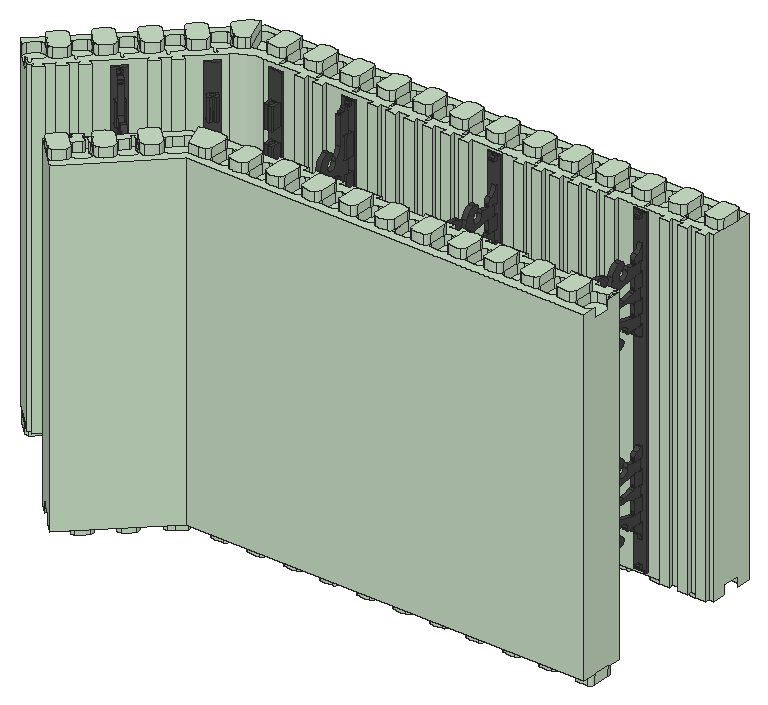
Revit family
Parameters (values of type "152 mm 45 Degree Form Unit")
  URL = "www.nudura.com"
  Overall Form Thickness = 285.8 mm
  Model = "152 mm 45 Degree Form Unit"
  Manufacturer = "NUDURA Corporation"
  Concrete Core Thickness = 152.4 mm
Reference planes
  plane 1 "Center (Front/Back)": y = 0
  plane 2: z = 0
  plane 3 "Center (Left/Right)": x = 0
Forms (mm)
  Extrusion 1, solid, material "EPS- NUDURA- Foam Panel"
    sketch origin (-0.09, 0.304, 0) x (1, 0, 0) y (0, 1, 0)
      loop
        line (-59.181, 142.875) -> (-248.322, -46.266) -> (-205.666, -88.923) -> (-200.616, -83.873) -> (-197.246, -89.482) -> (-187.146, -79.383) -> (-192.755, -76.012) -> (-182.656, -65.912) -> (-179.285, -71.522) -> (-169.185, -61.422) -> (-174.795, -58.052) -> (-164.695, -47.952) -> (-161.324, -53.561) -> (-151.225, -43.462) -> (-156.834, -40.091) -> (-110.814, 5.93) -> (-107.443, 0.32) -> (-97.343, 10.42) -> (-102.953, 13.791) -> (-92.853, 23.89) -> (-89.482, 18.281) -> (-79.383, 28.38) -> (-84.992, 31.751) -> (-49.072, 67.671)
        arc (-49.072, 67.671) -> (-32.592, 78.683) -> (-13.151, 82.55) r 50.8
        line (-13.151, 82.55) -> (37.647, 82.55) -> (36.064, 76.2) -> (50.347, 76.2) -> (48.764, 82.55) -> (63.047, 82.55) -> (61.464, 76.2) -> (75.747, 76.2) -> (74.164, 82.55) -> (139.247, 82.55) -> (137.664, 76.2) -> (151.947, 76.2) -> (150.364, 82.55) -> (164.647, 82.55) -> (163.064, 76.2) -> (177.347, 76.2) -> (175.764, 82.55) -> (190.047, 82.55) -> (188.464, 76.2) -> (202.747, 76.2) -> (201.164, 82.55) -> (215.447, 82.55) -> (213.864, 76.2) -> (228.147, 76.2) -> (226.564, 82.55) -> (240.847, 82.55) -> (239.264, 76.2) -> (253.547, 76.2) -> (251.964, 82.55) -> (266.247, 82.55) -> (264.664, 76.2) -> (278.947, 76.2) -> (277.364, 82.55) -> (342.447, 82.55) -> (340.864, 76.2) -> (355.147, 76.2) -> (353.564, 82.55) -> (367.847, 82.55) -> (366.264, 76.2) -> (380.547, 76.2) -> (378.964, 82.55) -> (393.247, 82.55) -> (391.664, 76.2) -> (405.947, 76.2) -> (404.364, 82.55) -> (418.647, 82.55) -> (417.064, 76.2) -> (431.347, 76.2) -> (429.764, 82.55) -> (444.047, 82.55) -> (442.464, 76.2) -> (456.747, 76.2) -> (455.164, 82.55) -> (469.447, 82.55) -> (467.864, 76.2) -> (482.147, 76.2) -> (480.564, 82.55) -> (545.647, 82.55) -> (544.064, 76.2) -> (558.347, 76.2) -> (556.764, 82.55) -> (571.047, 82.55) -> (569.464, 76.2) -> (583.747, 76.2) -> (582.164, 82.55) -> (596.447, 82.55) -> (594.864, 76.2) -> (609.147, 76.2) -> (607.564, 82.55) -> (614.706, 82.55) -> (614.706, 142.875) -> (-59.181, 142.875)
      loop
        line (614.706, -82.55) -> (607.564, -82.55) -> (609.147, -76.2) -> (594.864, -76.2) -> (596.447, -82.55) -> (582.164, -82.55) -> (583.747, -76.2) -> (569.464, -76.2) -> (571.047, -82.55) -> (556.764, -82.55) -> (558.347, -76.2) -> (544.064, -76.2) -> (545.647, -82.55) -> (480.564, -82.55) -> (482.147, -76.2) -> (467.864, -76.2) -> (469.447, -82.55) -> (455.164, -82.55) -> (456.747, -76.2) -> (442.464, -76.2) -> (444.047, -82.55) -> (429.764, -82.55) -> (431.347, -76.2) -> (417.064, -76.2) -> (418.647, -82.55) -> (404.364, -82.55) -> (405.947, -76.2) -> (391.664, -76.2) -> (393.247, -82.55) -> (378.964, -82.55) -> (380.547, -76.2) -> (366.264, -76.2) -> (367.847, -82.55) -> (353.564, -82.55) -> (355.147, -76.2) -> (340.864, -76.2) -> (342.447, -82.55) -> (277.364, -82.55) -> (278.947, -76.2) -> (264.664, -76.2) -> (266.247, -82.55) -> (251.964, -82.55) -> (253.547, -76.2) -> (239.264, -76.2) -> (240.847, -82.55) -> (226.564, -82.55) -> (228.147, -76.2) -> (213.864, -76.2) -> (215.447, -82.55) -> (201.164, -82.55) -> (202.747, -76.2) -> (188.464, -76.2) -> (190.047, -82.55) -> (175.764, -82.55) -> (177.347, -76.2) -> (163.064, -76.2) -> (164.647, -82.55) -> (150.364, -82.55) -> (151.947, -76.2) -> (137.664, -76.2) -> (139.247, -82.55) -> (55.235, -82.55)
        arc (55.235, -82.55) -> (35.795, -86.417) -> (19.314, -97.429) r 50.8
        line (19.314, -97.429) -> (-40.091, -156.834) -> (-43.462, -151.225) -> (-53.561, -161.324) -> (-47.952, -164.695) -> (-58.052, -174.795) -> (-61.422, -169.185) -> (-71.522, -179.285) -> (-65.912, -182.656) -> (-76.012, -192.755) -> (-79.383, -187.146) -> (-89.482, -197.246) -> (-83.873, -200.616) -> (-88.923, -205.666) -> (-46.266, -248.322) -> (59.181, -142.875) -> (614.706, -142.875) -> (614.706, -82.55)
    from 0 to 457.2
  Extrusion 2, solid, material "EPS- NUDURA- Foam Panel"
    sketch origin (-0.09, 0.304, 0) x (1, 0, 0) y (0, 1, 0)
      loop
        line (40.048, -96.684) -> (54.578, -131.763) -> (68.606, -131.763)
        arc (68.606, -131.763) -> (72.809, -131.433) -> (76.91, -130.453) r 26.988
        arc (76.91, -130.453) -> (80.09, -128.147) -> (81.306, -124.411) r 6.35
        line (81.306, -124.411) -> (81.306, -101.014)
        arc (81.306, -101.014) -> (80.09, -97.278) -> (76.91, -94.972) r 6.35
        arc (76.91, -94.972) -> (72.809, -93.992) -> (68.606, -93.663) r 26.987
        line (68.606, -93.663) -> (55.235, -93.663)
        arc (55.235, -93.663) -> (47.493, -94.425) -> (40.048, -96.684) r 39.688
    from 457.2 to 469.9
  Extrusion 3, solid, material "EPS- NUDURA- Foam Panel"
    sketch origin (-0.09, 0.304, 0) x (1, 0, 0) y (0, 1, 0)
      loop
        line (-38.796, 93.662) -> (-53.326, 128.741)
        arc (-53.326, 128.741) -> (-60.188, 125.074) -> (-66.202, 120.138) r 39.687
        line (-66.202, 120.138) -> (-69.84, 116.501)
        arc (-69.84, 116.501) -> (-72.579, 113.296) -> (-74.786, 109.703) r 26.988
        arc (-74.786, 109.703) -> (-75.404, 105.823) -> (-73.622, 102.322) r 6.35
        line (-73.622, 102.322) -> (-57.077, 85.778)
        arc (-57.077, 85.778) -> (-53.576, 83.995) -> (-49.696, 84.614) r 6.35
        arc (-49.696, 84.614) -> (-46.104, 86.821) -> (-42.899, 89.56) r 26.987
        line (-42.899, 89.56) -> (-38.796, 93.662)
    from 457.2 to 469.9
  Extrusion 4, solid, material "EPS- NUDURA- Foam Panel"
    sketch origin (-0.09, 0.304, 0) x (1, 0, 0) y (0, 1, 0)
      loop
        line (-38.796, 93.662) -> (-32.994, 93.662)
        arc (-32.994, 93.662) -> (-28.791, 93.992) -> (-24.69, 94.972) r 26.988
        arc (-24.69, 94.972) -> (-21.51, 97.278) -> (-20.294, 101.014) r 6.35
        line (-20.294, 101.014) -> (-20.294, 124.411)
        arc (-20.294, 124.411) -> (-21.51, 128.147) -> (-24.69, 130.453) r 6.35
        arc (-24.69, 130.453) -> (-28.791, 131.433) -> (-32.994, 131.762) r 26.987
        line (-32.994, 131.762) -> (-38.139, 131.762)
        arc (-38.139, 131.762) -> (-45.881, 131) -> (-53.326, 128.741) r 39.687
        line (-53.326, 128.741) -> (-38.796, 93.662)
    from 0 to -12.7
  Extrusion 5, solid, material "EPS- NUDURA- Foam Panel"
    sketch origin (-0.09, 0.304, 0) x (1, 0, 0) y (0, 1, 0)
      loop
        line (13.936, -128.919) -> (30.48, -145.464)
        arc (30.48, -145.464) -> (33.981, -147.246) -> (37.861, -146.628) r 6.35
        arc (37.861, -146.628) -> (41.454, -144.421) -> (44.659, -141.682) r 26.987
        line (44.659, -141.682) -> (54.578, -131.763) -> (40.048, -96.684)
        arc (40.048, -96.684) -> (33.186, -100.351) -> (27.172, -105.287) r 39.688
        line (27.172, -105.287) -> (17.718, -114.741)
        arc (17.718, -114.741) -> (14.979, -117.946) -> (12.772, -121.538) r 26.987
        arc (12.772, -121.538) -> (12.153, -125.418) -> (13.936, -128.919) r 6.35
    from 0 to -12.7
  Extrusion 6, void
    sketch origin (-0.09, 0.304, 0) x (1, 0, 0) y (0, 1, 0)
      loop
        arc (-33.981, -218.47) -> (-27.183, -213.524) -> (-22.238, -206.726) r 26.988
        arc (-22.238, -206.726) -> (-21.619, -202.847) -> (-23.401, -199.345) r 6.35
        line (-23.401, -199.345) -> (-39.946, -182.801)
        arc (-39.946, -182.801) -> (-41.894, -181.472) -> (-44.193, -180.946) r 6.35
        arc (-44.193, -180.946) -> (-44.768, -180.814) -> (-45.255, -180.482) r 1.587
        line (-45.255, -180.482) -> (-51.471, -174.266) -> (-54.54, -177.334) -> (-50.56, -181.314)
        arc (-50.56, -181.314) -> (-50.1, -182.566) -> (-50.758, -183.727) r 1.588
        arc (-50.758, -183.727) -> (-55.492, -188.056) -> (-59.07, -193.38) r 26.988
        arc (-59.07, -193.38) -> (-59.689, -197.26) -> (-57.906, -200.761) r 6.35
        line (-57.906, -200.761) -> (-41.362, -217.306)
        arc (-41.362, -217.306) -> (-37.861, -219.088) -> (-33.981, -218.47) r 6.35
    from 457.2 to 444.5
  Extrusion 7, void
    sketch origin (35.831, 36.225, 0) x (1, 0, 0) y (0, 1, 0)
      loop
        arc (-33.981, -218.47) -> (-27.183, -213.524) -> (-22.238, -206.726) r 26.988
        arc (-22.238, -206.726) -> (-21.619, -202.847) -> (-23.401, -199.345) r 6.35
        line (-23.401, -199.345) -> (-39.946, -182.801)
        arc (-39.946, -182.801) -> (-41.894, -181.472) -> (-44.193, -180.946) r 6.35
        arc (-44.193, -180.946) -> (-44.768, -180.814) -> (-45.255, -180.482) r 1.587
        line (-45.255, -180.482) -> (-51.471, -174.266) -> (-54.54, -177.334) -> (-50.56, -181.314)
        arc (-50.56, -181.314) -> (-50.1, -182.566) -> (-50.758, -183.727) r 1.588
        arc (-50.758, -183.727) -> (-55.492, -188.056) -> (-59.07, -193.38) r 26.988
        arc (-59.07, -193.38) -> (-59.689, -197.26) -> (-57.906, -200.761) r 6.35
        line (-57.906, -200.761) -> (-41.362, -217.306)
        arc (-41.362, -217.306) -> (-37.861, -219.088) -> (-33.981, -218.47) r 6.35
    from 457.2 to 444.5
  Extrusion 8, void
    sketch origin (264.122, 0.304, 0) x (0.707107, -0.707107, 0) y (0.707107, 0.707107, 0)
      loop
        arc (-33.981, -218.47) -> (-27.183, -213.524) -> (-22.238, -206.726) r 26.988
        arc (-22.238, -206.726) -> (-21.619, -202.847) -> (-23.401, -199.345) r 6.35
        line (-23.401, -199.345) -> (-39.946, -182.801)
        arc (-39.946, -182.801) -> (-41.894, -181.472) -> (-44.193, -180.946) r 6.35
        arc (-44.193, -180.946) -> (-44.768, -180.814) -> (-45.255, -180.482) r 1.587
        line (-45.255, -180.482) -> (-51.471, -174.266) -> (-54.54, -177.334) -> (-50.56, -181.314)
        arc (-50.56, -181.314) -> (-50.1, -182.566) -> (-50.758, -183.727) r 1.588
        arc (-50.758, -183.727) -> (-55.492, -188.056) -> (-59.07, -193.38) r 26.988
        arc (-59.07, -193.38) -> (-59.689, -197.26) -> (-57.906, -200.761) r 6.35
        line (-57.906, -200.761) -> (-41.362, -217.306)
        arc (-41.362, -217.306) -> (-37.861, -219.088) -> (-33.981, -218.47) r 6.35
    from 457.2 to 444.5
  Extrusion 9, void
    sketch origin (314.922, 0.304, 0) x (0.707107, -0.707107, 0) y (0.707107, 0.707107, 0)
      loop
        arc (-33.981, -218.47) -> (-27.183, -213.524) -> (-22.238, -206.726) r 26.988
        arc (-22.238, -206.726) -> (-21.619, -202.847) -> (-23.401, -199.345) r 6.35
        line (-23.401, -199.345) -> (-39.946, -182.801)
        arc (-39.946, -182.801) -> (-41.894, -181.472) -> (-44.193, -180.946) r 6.35
        arc (-44.193, -180.946) -> (-44.768, -180.814) -> (-45.255, -180.482) r 1.587
        line (-45.255, -180.482) -> (-51.471, -174.266) -> (-54.54, -177.334) -> (-50.56, -181.314)
        arc (-50.56, -181.314) -> (-50.1, -182.566) -> (-50.758, -183.727) r 1.588
        arc (-50.758, -183.727) -> (-55.492, -188.056) -> (-59.07, -193.38) r 26.988
        arc (-59.07, -193.38) -> (-59.689, -197.26) -> (-57.906, -200.761) r 6.35
        line (-57.906, -200.761) -> (-41.362, -217.306)
        arc (-41.362, -217.306) -> (-37.861, -219.088) -> (-33.981, -218.47) r 6.35
    from 457.2 to 444.5
  Extrusion 10, void
    sketch origin (365.722, 0.304, 0) x (0.707107, -0.707107, 0) y (0.707107, 0.707107, 0)
      loop
        arc (-33.981, -218.47) -> (-27.183, -213.524) -> (-22.238, -206.726) r 26.988
        arc (-22.238, -206.726) -> (-21.619, -202.847) -> (-23.401, -199.345) r 6.35
        line (-23.401, -199.345) -> (-39.946, -182.801)
        arc (-39.946, -182.801) -> (-41.894, -181.472) -> (-44.193, -180.946) r 6.35
        arc (-44.193, -180.946) -> (-44.768, -180.814) -> (-45.255, -180.482) r 1.587
        line (-45.255, -180.482) -> (-51.471, -174.266) -> (-54.54, -177.334) -> (-50.56, -181.314)
        arc (-50.56, -181.314) -> (-50.1, -182.566) -> (-50.758, -183.727) r 1.588
        arc (-50.758, -183.727) -> (-55.492, -188.056) -> (-59.07, -193.38) r 26.988
        arc (-59.07, -193.38) -> (-59.689, -197.26) -> (-57.906, -200.761) r 6.35
        line (-57.906, -200.761) -> (-41.362, -217.306)
        arc (-41.362, -217.306) -> (-37.861, -219.088) -> (-33.981, -218.47) r 6.35
    from 457.2 to 444.5
  Extrusion 11, void
    sketch origin (416.522, 0.304, 0) x (0.707107, -0.707107, 0) y (0.707107, 0.707107, 0)
      loop
        arc (-33.981, -218.47) -> (-27.183, -213.524) -> (-22.238, -206.726) r 26.988
        arc (-22.238, -206.726) -> (-21.619, -202.847) -> (-23.401, -199.345) r 6.35
        line (-23.401, -199.345) -> (-39.946, -182.801)
        arc (-39.946, -182.801) -> (-41.894, -181.472) -> (-44.193, -180.946) r 6.35
        arc (-44.193, -180.946) -> (-44.768, -180.814) -> (-45.255, -180.482) r 1.587
        line (-45.255, -180.482) -> (-51.471, -174.266) -> (-54.54, -177.334) -> (-50.56, -181.314)
        arc (-50.56, -181.314) -> (-50.1, -182.566) -> (-50.758, -183.727) r 1.588
        arc (-50.758, -183.727) -> (-55.492, -188.056) -> (-59.07, -193.38) r 26.988
        arc (-59.07, -193.38) -> (-59.689, -197.26) -> (-57.906, -200.761) r 6.35
        line (-57.906, -200.761) -> (-41.362, -217.306)
        arc (-41.362, -217.306) -> (-37.861, -219.088) -> (-33.981, -218.47) r 6.35
    from 457.2 to 444.5
  Extrusion 12, void
    sketch origin (467.322, 0.304, 0) x (0.707107, -0.707107, 0) y (0.707107, 0.707107, 0)
      loop
        arc (-33.981, -218.47) -> (-27.183, -213.524) -> (-22.238, -206.726) r 26.988
        arc (-22.238, -206.726) -> (-21.619, -202.847) -> (-23.401, -199.345) r 6.35
        line (-23.401, -199.345) -> (-39.946, -182.801)
        arc (-39.946, -182.801) -> (-41.894, -181.472) -> (-44.193, -180.946) r 6.35
        arc (-44.193, -180.946) -> (-44.768, -180.814) -> (-45.255, -180.482) r 1.587
        line (-45.255, -180.482) -> (-51.471, -174.266) -> (-54.54, -177.334) -> (-50.56, -181.314)
        arc (-50.56, -181.314) -> (-50.1, -182.566) -> (-50.758, -183.727) r 1.588
        arc (-50.758, -183.727) -> (-55.492, -188.056) -> (-59.07, -193.38) r 26.988
        arc (-59.07, -193.38) -> (-59.689, -197.26) -> (-57.906, -200.761) r 6.35
        line (-57.906, -200.761) -> (-41.362, -217.306)
        arc (-41.362, -217.306) -> (-37.861, -219.088) -> (-33.981, -218.47) r 6.35
    from 457.2 to 444.5
  Extrusion 13, void
    sketch origin (518.122, 0.304, 0) x (0.707107, -0.707107, 0) y (0.707107, 0.707107, 0)
      loop
        arc (-33.981, -218.47) -> (-27.183, -213.524) -> (-22.238, -206.726) r 26.988
        arc (-22.238, -206.726) -> (-21.619, -202.847) -> (-23.401, -199.345) r 6.35
        line (-23.401, -199.345) -> (-39.946, -182.801)
        arc (-39.946, -182.801) -> (-41.894, -181.472) -> (-44.193, -180.946) r 6.35
        arc (-44.193, -180.946) -> (-44.768, -180.814) -> (-45.255, -180.482) r 1.587
        line (-45.255, -180.482) -> (-51.471, -174.266) -> (-54.54, -177.334) -> (-50.56, -181.314)
        arc (-50.56, -181.314) -> (-50.1, -182.566) -> (-50.758, -183.727) r 1.588
        arc (-50.758, -183.727) -> (-55.492, -188.056) -> (-59.07, -193.38) r 26.988
        arc (-59.07, -193.38) -> (-59.689, -197.26) -> (-57.906, -200.761) r 6.35
        line (-57.906, -200.761) -> (-41.362, -217.306)
        arc (-41.362, -217.306) -> (-37.861, -219.088) -> (-33.981, -218.47) r 6.35
    from 457.2 to 444.5
  Extrusion 14, void
    sketch origin (568.922, 0.304, 0) x (0.707107, -0.707107, 0) y (0.707107, 0.707107, 0)
      loop
        arc (-33.981, -218.47) -> (-27.183, -213.524) -> (-22.238, -206.726) r 26.988
        arc (-22.238, -206.726) -> (-21.619, -202.847) -> (-23.401, -199.345) r 6.35
        line (-23.401, -199.345) -> (-39.946, -182.801)
        arc (-39.946, -182.801) -> (-41.894, -181.472) -> (-44.193, -180.946) r 6.35
        arc (-44.193, -180.946) -> (-44.768, -180.814) -> (-45.255, -180.482) r 1.587
        line (-45.255, -180.482) -> (-51.471, -174.266) -> (-54.54, -177.334) -> (-50.56, -181.314)
        arc (-50.56, -181.314) -> (-50.1, -182.566) -> (-50.758, -183.727) r 1.588
        arc (-50.758, -183.727) -> (-55.492, -188.056) -> (-59.07, -193.38) r 26.988
        arc (-59.07, -193.38) -> (-59.689, -197.26) -> (-57.906, -200.761) r 6.35
        line (-57.906, -200.761) -> (-41.362, -217.306)
        arc (-41.362, -217.306) -> (-37.861, -219.088) -> (-33.981, -218.47) r 6.35
    from 457.2 to 444.5
  Extrusion 15, void
    sketch origin (619.722, 0.304, 0) x (0.707107, -0.707107, 0) y (0.707107, 0.707107, 0)
      loop
        arc (-33.981, -218.47) -> (-27.183, -213.524) -> (-22.238, -206.726) r 26.988
        arc (-22.238, -206.726) -> (-21.619, -202.847) -> (-23.401, -199.345) r 6.35
        line (-23.401, -199.345) -> (-39.946, -182.801)
        arc (-39.946, -182.801) -> (-41.894, -181.472) -> (-44.193, -180.946) r 6.35
        arc (-44.193, -180.946) -> (-44.768, -180.814) -> (-45.255, -180.482) r 1.587
        line (-45.255, -180.482) -> (-51.471, -174.266) -> (-54.54, -177.334) -> (-50.56, -181.314)
        arc (-50.56, -181.314) -> (-50.1, -182.566) -> (-50.758, -183.727) r 1.588
        arc (-50.758, -183.727) -> (-55.492, -188.056) -> (-59.07, -193.38) r 26.988
        arc (-59.07, -193.38) -> (-59.689, -197.26) -> (-57.906, -200.761) r 6.35
        line (-57.906, -200.761) -> (-41.362, -217.306)
        arc (-41.362, -217.306) -> (-37.861, -219.088) -> (-33.981, -218.47) r 6.35
    from 457.2 to 444.5
  Extrusion 16, void
    sketch origin (670.522, 0.304, 0) x (0.707107, -0.707107, 0) y (0.707107, 0.707107, 0)
      loop
        arc (-33.981, -218.47) -> (-27.183, -213.524) -> (-22.238, -206.726) r 26.988
        arc (-22.238, -206.726) -> (-21.619, -202.847) -> (-23.401, -199.345) r 6.35
        line (-23.401, -199.345) -> (-39.946, -182.801)
        arc (-39.946, -182.801) -> (-41.894, -181.472) -> (-44.193, -180.946) r 6.35
        arc (-44.193, -180.946) -> (-44.768, -180.814) -> (-45.255, -180.482) r 1.587
        line (-45.255, -180.482) -> (-51.471, -174.266) -> (-54.54, -177.334) -> (-50.56, -181.314)
        arc (-50.56, -181.314) -> (-50.1, -182.566) -> (-50.758, -183.727) r 1.588
        arc (-50.758, -183.727) -> (-55.492, -188.056) -> (-59.07, -193.38) r 26.988
        arc (-59.07, -193.38) -> (-59.689, -197.26) -> (-57.906, -200.761) r 6.35
        line (-57.906, -200.761) -> (-41.362, -217.306)
        arc (-41.362, -217.306) -> (-37.861, -219.088) -> (-33.981, -218.47) r 6.35
    from 457.2 to 444.5
  Extrusion 17, void
    sketch origin (721.322, 0.304, 0) x (0.707107, -0.707107, 0) y (0.707107, 0.707107, 0)
      loop
        arc (-33.981, -218.47) -> (-27.183, -213.524) -> (-22.238, -206.726) r 26.988
        arc (-22.238, -206.726) -> (-21.619, -202.847) -> (-23.401, -199.345) r 6.35
        line (-23.401, -199.345) -> (-39.946, -182.801)
        arc (-39.946, -182.801) -> (-41.894, -181.472) -> (-44.193, -180.946) r 6.35
        arc (-44.193, -180.946) -> (-44.768, -180.814) -> (-45.255, -180.482) r 1.587
        line (-45.255, -180.482) -> (-51.471, -174.266) -> (-54.54, -177.334) -> (-50.56, -181.314)
        arc (-50.56, -181.314) -> (-50.1, -182.566) -> (-50.758, -183.727) r 1.588
        arc (-50.758, -183.727) -> (-55.492, -188.056) -> (-59.07, -193.38) r 26.988
        arc (-59.07, -193.38) -> (-59.689, -197.26) -> (-57.906, -200.761) r 6.35
        line (-57.906, -200.761) -> (-41.362, -217.306)
        arc (-41.362, -217.306) -> (-37.861, -219.088) -> (-33.981, -218.47) r 6.35
    from 457.2 to 444.5
  Extrusion 18, void
    sketch origin (772.122, 0.304, 0) x (0.707107, -0.707107, 0) y (0.707107, 0.707107, 0)
      loop
        arc (-33.981, -218.47) -> (-27.183, -213.524) -> (-22.238, -206.726) r 26.988
        arc (-22.238, -206.726) -> (-21.619, -202.847) -> (-23.401, -199.345) r 6.35
        line (-23.401, -199.345) -> (-39.946, -182.801)
        arc (-39.946, -182.801) -> (-41.894, -181.472) -> (-44.193, -180.946) r 6.35
        arc (-44.193, -180.946) -> (-44.768, -180.814) -> (-45.255, -180.482) r 1.587
        line (-45.255, -180.482) -> (-51.471, -174.266) -> (-54.54, -177.334) -> (-50.56, -181.314)
        arc (-50.56, -181.314) -> (-50.1, -182.566) -> (-50.758, -183.727) r 1.588
        arc (-50.758, -183.727) -> (-55.492, -188.056) -> (-59.07, -193.38) r 26.988
        arc (-59.07, -193.38) -> (-59.689, -197.26) -> (-57.906, -200.761) r 6.35
        line (-57.906, -200.761) -> (-41.362, -217.306)
        arc (-41.362, -217.306) -> (-37.861, -219.088) -> (-33.981, -218.47) r 6.35
    from 457.2 to 444.5
  Extrusion 19, void
    sketch origin (355.51, 0.304, 0) x (-0.707107, 0.707107, 0) y (-0.707107, -0.707107, 0)
      loop
        arc (-33.981, -218.47) -> (-27.183, -213.524) -> (-22.238, -206.726) r 26.988
        arc (-22.238, -206.726) -> (-21.619, -202.847) -> (-23.401, -199.345) r 6.35
        line (-23.401, -199.345) -> (-39.946, -182.801)
        arc (-39.946, -182.801) -> (-41.894, -181.472) -> (-44.193, -180.946) r 6.35
        arc (-44.193, -180.946) -> (-44.768, -180.814) -> (-45.255, -180.482) r 1.587
        line (-45.255, -180.482) -> (-51.471, -174.266) -> (-54.54, -177.334) -> (-50.56, -181.314)
        arc (-50.56, -181.314) -> (-50.1, -182.566) -> (-50.758, -183.727) r 1.588
        arc (-50.758, -183.727) -> (-55.492, -188.056) -> (-59.07, -193.38) r 26.988
        arc (-59.07, -193.38) -> (-59.689, -197.26) -> (-57.906, -200.761) r 6.35
        line (-57.906, -200.761) -> (-41.362, -217.306)
        arc (-41.362, -217.306) -> (-37.861, -219.088) -> (-33.981, -218.47) r 6.35
    from 457.2 to 444.5
  Extrusion 20, void
    sketch origin (406.31, 0.304, 0) x (-0.707107, 0.707107, 0) y (-0.707107, -0.707107, 0)
      loop
        arc (-33.981, -218.47) -> (-27.183, -213.524) -> (-22.238, -206.726) r 26.988
        arc (-22.238, -206.726) -> (-21.619, -202.847) -> (-23.401, -199.345) r 6.35
        line (-23.401, -199.345) -> (-39.946, -182.801)
        arc (-39.946, -182.801) -> (-41.894, -181.472) -> (-44.193, -180.946) r 6.35
        arc (-44.193, -180.946) -> (-44.768, -180.814) -> (-45.255, -180.482) r 1.587
        line (-45.255, -180.482) -> (-51.471, -174.266) -> (-54.54, -177.334) -> (-50.56, -181.314)
        arc (-50.56, -181.314) -> (-50.1, -182.566) -> (-50.758, -183.727) r 1.588
        arc (-50.758, -183.727) -> (-55.492, -188.056) -> (-59.07, -193.38) r 26.988
        arc (-59.07, -193.38) -> (-59.689, -197.26) -> (-57.906, -200.761) r 6.35
        line (-57.906, -200.761) -> (-41.362, -217.306)
        arc (-41.362, -217.306) -> (-37.861, -219.088) -> (-33.981, -218.47) r 6.35
    from 457.2 to 444.5
  Extrusion 21, void
    sketch origin (304.71, 0.304, 0) x (-0.707107, 0.707107, 0) y (-0.707107, -0.707107, 0)
      loop
        arc (-33.981, -218.47) -> (-27.183, -213.524) -> (-22.238, -206.726) r 26.988
        arc (-22.238, -206.726) -> (-21.619, -202.847) -> (-23.401, -199.345) r 6.35
        line (-23.401, -199.345) -> (-39.946, -182.801)
        arc (-39.946, -182.801) -> (-41.894, -181.472) -> (-44.193, -180.946) r 6.35
        arc (-44.193, -180.946) -> (-44.768, -180.814) -> (-45.255, -180.482) r 1.587
        line (-45.255, -180.482) -> (-51.471, -174.266) -> (-54.54, -177.334) -> (-50.56, -181.314)
        arc (-50.56, -181.314) -> (-50.1, -182.566) -> (-50.758, -183.727) r 1.588
        arc (-50.758, -183.727) -> (-55.492, -188.056) -> (-59.07, -193.38) r 26.988
        arc (-59.07, -193.38) -> (-59.689, -197.26) -> (-57.906, -200.761) r 6.35
        line (-57.906, -200.761) -> (-41.362, -217.306)
        arc (-41.362, -217.306) -> (-37.861, -219.088) -> (-33.981, -218.47) r 6.35
    from 457.2 to 444.5
  Extrusion 22, void
    sketch origin (253.91, 0.304, 0) x (-0.707107, 0.707107, 0) y (-0.707107, -0.707107, 0)
      loop
        arc (-33.981, -218.47) -> (-27.183, -213.524) -> (-22.238, -206.726) r 26.988
        arc (-22.238, -206.726) -> (-21.619, -202.847) -> (-23.401, -199.345) r 6.35
        line (-23.401, -199.345) -> (-39.946, -182.801)
        arc (-39.946, -182.801) -> (-41.894, -181.472) -> (-44.193, -180.946) r 6.35
        arc (-44.193, -180.946) -> (-44.768, -180.814) -> (-45.255, -180.482) r 1.587
        line (-45.255, -180.482) -> (-51.471, -174.266) -> (-54.54, -177.334) -> (-50.56, -181.314)
        arc (-50.56, -181.314) -> (-50.1, -182.566) -> (-50.758, -183.727) r 1.588
        arc (-50.758, -183.727) -> (-55.492, -188.056) -> (-59.07, -193.38) r 26.988
        arc (-59.07, -193.38) -> (-59.689, -197.26) -> (-57.906, -200.761) r 6.35
        line (-57.906, -200.761) -> (-41.362, -217.306)
        arc (-41.362, -217.306) -> (-37.861, -219.088) -> (-33.981, -218.47) r 6.35
    from 457.2 to 444.5
  Extrusion 23, void
    sketch origin (203.11, 0.304, 0) x (-0.707107, 0.707107, 0) y (-0.707107, -0.707107, 0)
      loop
        arc (-33.981, -218.47) -> (-27.183, -213.524) -> (-22.238, -206.726) r 26.988
        arc (-22.238, -206.726) -> (-21.619, -202.847) -> (-23.401, -199.345) r 6.35
        line (-23.401, -199.345) -> (-39.946, -182.801)
        arc (-39.946, -182.801) -> (-41.894, -181.472) -> (-44.193, -180.946) r 6.35
        arc (-44.193, -180.946) -> (-44.768, -180.814) -> (-45.255, -180.482) r 1.587
        line (-45.255, -180.482) -> (-51.471, -174.266) -> (-54.54, -177.334) -> (-50.56, -181.314)
        arc (-50.56, -181.314) -> (-50.1, -182.566) -> (-50.758, -183.727) r 1.588
        arc (-50.758, -183.727) -> (-55.492, -188.056) -> (-59.07, -193.38) r 26.988
        arc (-59.07, -193.38) -> (-59.689, -197.26) -> (-57.906, -200.761) r 6.35
        line (-57.906, -200.761) -> (-41.362, -217.306)
        arc (-41.362, -217.306) -> (-37.861, -219.088) -> (-33.981, -218.47) r 6.35
    from 457.2 to 444.5
  Extrusion 24, void
    sketch origin (152.31, 0.304, 0) x (-0.707107, 0.707107, 0) y (-0.707107, -0.707107, 0)
      loop
        arc (-33.981, -218.47) -> (-27.183, -213.524) -> (-22.238, -206.726) r 26.988
        arc (-22.238, -206.726) -> (-21.619, -202.847) -> (-23.401, -199.345) r 6.35
        line (-23.401, -199.345) -> (-39.946, -182.801)
        arc (-39.946, -182.801) -> (-41.894, -181.472) -> (-44.193, -180.946) r 6.35
        arc (-44.193, -180.946) -> (-44.768, -180.814) -> (-45.255, -180.482) r 1.587
        line (-45.255, -180.482) -> (-51.471, -174.266) -> (-54.54, -177.334) -> (-50.56, -181.314)
        arc (-50.56, -181.314) -> (-50.1, -182.566) -> (-50.758, -183.727) r 1.588
        arc (-50.758, -183.727) -> (-55.492, -188.056) -> (-59.07, -193.38) r 26.988
        arc (-59.07, -193.38) -> (-59.689, -197.26) -> (-57.906, -200.761) r 6.35
        line (-57.906, -200.761) -> (-41.362, -217.306)
        arc (-41.362, -217.306) -> (-37.861, -219.088) -> (-33.981, -218.47) r 6.35
    from 457.2 to 444.5
  Extrusion 25, void
    sketch origin (101.51, 0.304, 0) x (-0.707107, 0.707107, 0) y (-0.707107, -0.707107, 0)
      loop
        arc (-33.981, -218.47) -> (-27.183, -213.524) -> (-22.238, -206.726) r 26.988
        arc (-22.238, -206.726) -> (-21.619, -202.847) -> (-23.401, -199.345) r 6.35
        line (-23.401, -199.345) -> (-39.946, -182.801)
        arc (-39.946, -182.801) -> (-41.894, -181.472) -> (-44.193, -180.946) r 6.35
        arc (-44.193, -180.946) -> (-44.768, -180.814) -> (-45.255, -180.482) r 1.587
        line (-45.255, -180.482) -> (-51.471, -174.266) -> (-54.54, -177.334) -> (-50.56, -181.314)
        arc (-50.56, -181.314) -> (-50.1, -182.566) -> (-50.758, -183.727) r 1.588
        arc (-50.758, -183.727) -> (-55.492, -188.056) -> (-59.07, -193.38) r 26.988
        arc (-59.07, -193.38) -> (-59.689, -197.26) -> (-57.906, -200.761) r 6.35
        line (-57.906, -200.761) -> (-41.362, -217.306)
        arc (-41.362, -217.306) -> (-37.861, -219.088) -> (-33.981, -218.47) r 6.35
    from 457.2 to 444.5
  Extrusion 26, void
    sketch origin (50.71, 0.304, 0) x (-0.707107, 0.707107, 0) y (-0.707107, -0.707107, 0)
      loop
        arc (-33.981, -218.47) -> (-27.183, -213.524) -> (-22.238, -206.726) r 26.988
        arc (-22.238, -206.726) -> (-21.619, -202.847) -> (-23.401, -199.345) r 6.35
        line (-23.401, -199.345) -> (-39.946, -182.801)
        arc (-39.946, -182.801) -> (-41.894, -181.472) -> (-44.193, -180.946) r 6.35
        arc (-44.193, -180.946) -> (-44.768, -180.814) -> (-45.255, -180.482) r 1.587
        line (-45.255, -180.482) -> (-51.471, -174.266) -> (-54.54, -177.334) -> (-50.56, -181.314)
        arc (-50.56, -181.314) -> (-50.1, -182.566) -> (-50.758, -183.727) r 1.588
        arc (-50.758, -183.727) -> (-55.492, -188.056) -> (-59.07, -193.38) r 26.988
        arc (-59.07, -193.38) -> (-59.689, -197.26) -> (-57.906, -200.761) r 6.35
        line (-57.906, -200.761) -> (-41.362, -217.306)
        arc (-41.362, -217.306) -> (-37.861, -219.088) -> (-33.981, -218.47) r 6.35
    from 457.2 to 444.5
  Extrusion 27, void
    sketch origin (-0.09, 0.304, 0) x (-0.707107, 0.707107, 0) y (-0.707107, -0.707107, 0)
      loop
        arc (-33.981, -218.47) -> (-27.183, -213.524) -> (-22.238, -206.726) r 26.988
        arc (-22.238, -206.726) -> (-21.619, -202.847) -> (-23.401, -199.345) r 6.35
        line (-23.401, -199.345) -> (-39.946, -182.801)
        arc (-39.946, -182.801) -> (-41.894, -181.472) -> (-44.193, -180.946) r 6.35
        arc (-44.193, -180.946) -> (-44.768, -180.814) -> (-45.255, -180.482) r 1.587
        line (-45.255, -180.482) -> (-51.471, -174.266) -> (-54.54, -177.334) -> (-50.56, -181.314)
        arc (-50.56, -181.314) -> (-50.1, -182.566) -> (-50.758, -183.727) r 1.588
        arc (-50.758, -183.727) -> (-55.492, -188.056) -> (-59.07, -193.38) r 26.988
        arc (-59.07, -193.38) -> (-59.689, -197.26) -> (-57.906, -200.761) r 6.35
        line (-57.906, -200.761) -> (-41.362, -217.306)
        arc (-41.362, -217.306) -> (-37.861, -219.088) -> (-33.981, -218.47) r 6.35
    from 457.2 to 444.5
  Extrusion 28, void
    sketch origin (-50.89, 0.304, 0) x (-0.707107, 0.707107, 0) y (-0.707107, -0.707107, 0)
      loop
        arc (-33.981, -218.47) -> (-27.183, -213.524) -> (-22.238, -206.726) r 26.988
        arc (-22.238, -206.726) -> (-21.619, -202.847) -> (-23.401, -199.345) r 6.35
        line (-23.401, -199.345) -> (-39.946, -182.801)
        arc (-39.946, -182.801) -> (-41.894, -181.472) -> (-44.193, -180.946) r 6.35
        arc (-44.193, -180.946) -> (-44.768, -180.814) -> (-45.255, -180.482) r 1.587
        line (-45.255, -180.482) -> (-51.471, -174.266) -> (-54.54, -177.334) -> (-50.56, -181.314)
        arc (-50.56, -181.314) -> (-50.1, -182.566) -> (-50.758, -183.727) r 1.588
        arc (-50.758, -183.727) -> (-55.492, -188.056) -> (-59.07, -193.38) r 26.988
        arc (-59.07, -193.38) -> (-59.689, -197.26) -> (-57.906, -200.761) r 6.35
        line (-57.906, -200.761) -> (-41.362, -217.306)
        arc (-41.362, -217.306) -> (-37.861, -219.088) -> (-33.981, -218.47) r 6.35
    from 457.2 to 444.5
  Extrusion 29, void
    sketch origin (-101.69, 0.304, 0) x (-0.707107, 0.707107, 0) y (-0.707107, -0.707107, 0)
      loop
        arc (-33.981, -218.47) -> (-27.183, -213.524) -> (-22.238, -206.726) r 26.988
        arc (-22.238, -206.726) -> (-21.619, -202.847) -> (-23.401, -199.345) r 6.35
        line (-23.401, -199.345) -> (-39.946, -182.801)
        arc (-39.946, -182.801) -> (-41.894, -181.472) -> (-44.193, -180.946) r 6.35
        arc (-44.193, -180.946) -> (-44.768, -180.814) -> (-45.255, -180.482) r 1.587
        line (-45.255, -180.482) -> (-51.471, -174.266) -> (-54.54, -177.334) -> (-50.56, -181.314)
        arc (-50.56, -181.314) -> (-50.1, -182.566) -> (-50.758, -183.727) r 1.588
        arc (-50.758, -183.727) -> (-55.492, -188.056) -> (-59.07, -193.38) r 26.988
        arc (-59.07, -193.38) -> (-59.689, -197.26) -> (-57.906, -200.761) r 6.35
        line (-57.906, -200.761) -> (-41.362, -217.306)
        arc (-41.362, -217.306) -> (-37.861, -219.088) -> (-33.981, -218.47) r 6.35
    from 457.2 to 444.5
  Extrusion 30, void
    sketch origin (-152.49, 0.304, 0) x (-0.707107, 0.707107, 0) y (-0.707107, -0.707107, 0)
      loop
        arc (-33.981, -218.47) -> (-27.183, -213.524) -> (-22.238, -206.726) r 26.988
        arc (-22.238, -206.726) -> (-21.619, -202.847) -> (-23.401, -199.345) r 6.35
        line (-23.401, -199.345) -> (-39.946, -182.801)
        arc (-39.946, -182.801) -> (-41.894, -181.472) -> (-44.193, -180.946) r 6.35
        arc (-44.193, -180.946) -> (-44.768, -180.814) -> (-45.255, -180.482) r 1.587
        line (-45.255, -180.482) -> (-51.471, -174.266) -> (-54.54, -177.334) -> (-50.56, -181.314)
        arc (-50.56, -181.314) -> (-50.1, -182.566) -> (-50.758, -183.727) r 1.588
        arc (-50.758, -183.727) -> (-55.492, -188.056) -> (-59.07, -193.38) r 26.988
        arc (-59.07, -193.38) -> (-59.689, -197.26) -> (-57.906, -200.761) r 6.35
        line (-57.906, -200.761) -> (-41.362, -217.306)
        arc (-41.362, -217.306) -> (-37.861, -219.088) -> (-33.981, -218.47) r 6.35
    from 457.2 to 444.5
  Extrusion 31, void
    sketch origin (-258.757, -258.364, 0) x (-1, 0, 0) y (0, -1, 0)
      loop
        arc (-33.981, -218.47) -> (-27.183, -213.524) -> (-22.238, -206.726) r 26.988
        arc (-22.238, -206.726) -> (-21.619, -202.847) -> (-23.401, -199.345) r 6.35
        line (-23.401, -199.345) -> (-39.946, -182.801)
        arc (-39.946, -182.801) -> (-41.894, -181.472) -> (-44.193, -180.946) r 6.35
        arc (-44.193, -180.946) -> (-44.768, -180.814) -> (-45.255, -180.482) r 1.587
        line (-45.255, -180.482) -> (-51.471, -174.266) -> (-54.54, -177.334) -> (-50.56, -181.314)
        arc (-50.56, -181.314) -> (-50.1, -182.566) -> (-50.758, -183.727) r 1.588
        arc (-50.758, -183.727) -> (-55.492, -188.056) -> (-59.07, -193.38) r 26.988
        arc (-59.07, -193.38) -> (-59.689, -197.26) -> (-57.906, -200.761) r 6.35
        line (-57.906, -200.761) -> (-41.362, -217.306)
        arc (-41.362, -217.306) -> (-37.861, -219.088) -> (-33.981, -218.47) r 6.35
    from 457.2 to 444.5
  Extrusion 32, void
    sketch origin (-222.836, -222.443, 0) x (-1, 0, 0) y (0, -1, 0)
      loop
        arc (-33.981, -218.47) -> (-27.183, -213.524) -> (-22.238, -206.726) r 26.988
        arc (-22.238, -206.726) -> (-21.619, -202.847) -> (-23.401, -199.345) r 6.35
        line (-23.401, -199.345) -> (-39.946, -182.801)
        arc (-39.946, -182.801) -> (-41.894, -181.472) -> (-44.193, -180.946) r 6.35
        arc (-44.193, -180.946) -> (-44.768, -180.814) -> (-45.255, -180.482) r 1.587
        line (-45.255, -180.482) -> (-51.471, -174.266) -> (-54.54, -177.334) -> (-50.56, -181.314)
        arc (-50.56, -181.314) -> (-50.1, -182.566) -> (-50.758, -183.727) r 1.588
        arc (-50.758, -183.727) -> (-55.492, -188.056) -> (-59.07, -193.38) r 26.988
        arc (-59.07, -193.38) -> (-59.689, -197.26) -> (-57.906, -200.761) r 6.35
        line (-57.906, -200.761) -> (-41.362, -217.306)
        arc (-41.362, -217.306) -> (-37.861, -219.088) -> (-33.981, -218.47) r 6.35
    from 457.2 to 444.5
  Extrusion 33, void
    sketch origin (-186.915, -186.522, 0) x (-1, 0, 0) y (0, -1, 0)
      loop
        arc (-33.981, -218.47) -> (-27.183, -213.524) -> (-22.238, -206.726) r 26.988
        arc (-22.238, -206.726) -> (-21.619, -202.847) -> (-23.401, -199.345) r 6.35
        line (-23.401, -199.345) -> (-39.946, -182.801)
        arc (-39.946, -182.801) -> (-41.894, -181.472) -> (-44.193, -180.946) r 6.35
        arc (-44.193, -180.946) -> (-44.768, -180.814) -> (-45.255, -180.482) r 1.587
        line (-45.255, -180.482) -> (-51.471, -174.266) -> (-54.54, -177.334) -> (-50.56, -181.314)
        arc (-50.56, -181.314) -> (-50.1, -182.566) -> (-50.758, -183.727) r 1.588
        arc (-50.758, -183.727) -> (-55.492, -188.056) -> (-59.07, -193.38) r 26.988
        arc (-59.07, -193.38) -> (-59.689, -197.26) -> (-57.906, -200.761) r 6.35
        line (-57.906, -200.761) -> (-41.362, -217.306)
        arc (-41.362, -217.306) -> (-37.861, -219.088) -> (-33.981, -218.47) r 6.35
    from 457.2 to 444.5
  Extrusion 34, void
    sketch origin (-150.994, -150.601, 0) x (-1, 0, 0) y (0, -1, 0)
      loop
        arc (-33.981, -218.47) -> (-27.183, -213.524) -> (-22.238, -206.726) r 26.988
        arc (-22.238, -206.726) -> (-21.619, -202.847) -> (-23.401, -199.345) r 6.35
        line (-23.401, -199.345) -> (-39.946, -182.801)
        arc (-39.946, -182.801) -> (-41.894, -181.472) -> (-44.193, -180.946) r 6.35
        arc (-44.193, -180.946) -> (-44.768, -180.814) -> (-45.255, -180.482) r 1.587
        line (-45.255, -180.482) -> (-51.471, -174.266) -> (-54.54, -177.334) -> (-50.56, -181.314)
        arc (-50.56, -181.314) -> (-50.1, -182.566) -> (-50.758, -183.727) r 1.588
        arc (-50.758, -183.727) -> (-55.492, -188.056) -> (-59.07, -193.38) r 26.988
        arc (-59.07, -193.38) -> (-59.689, -197.26) -> (-57.906, -200.761) r 6.35
        line (-57.906, -200.761) -> (-41.362, -217.306)
        arc (-41.362, -217.306) -> (-37.861, -219.088) -> (-33.981, -218.47) r 6.35
    from 457.2 to 444.5
  Extrusion 35, void
    sketch origin (-115.073, -114.68, 0) x (-1, 0, 0) y (0, -1, 0)
      loop
        arc (-33.981, -218.47) -> (-27.183, -213.524) -> (-22.238, -206.726) r 26.988
        arc (-22.238, -206.726) -> (-21.619, -202.847) -> (-23.401, -199.345) r 6.35
        line (-23.401, -199.345) -> (-39.946, -182.801)
        arc (-39.946, -182.801) -> (-41.894, -181.472) -> (-44.193, -180.946) r 6.35
        arc (-44.193, -180.946) -> (-44.768, -180.814) -> (-45.255, -180.482) r 1.587
        line (-45.255, -180.482) -> (-51.471, -174.266) -> (-54.54, -177.334) -> (-50.56, -181.314)
        arc (-50.56, -181.314) -> (-50.1, -182.566) -> (-50.758, -183.727) r 1.588
        arc (-50.758, -183.727) -> (-55.492, -188.056) -> (-59.07, -193.38) r 26.988
        arc (-59.07, -193.38) -> (-59.689, -197.26) -> (-57.906, -200.761) r 6.35
        line (-57.906, -200.761) -> (-41.362, -217.306)
        arc (-41.362, -217.306) -> (-37.861, -219.088) -> (-33.981, -218.47) r 6.35
    from 457.2 to 444.5
  Extrusion 36, void
    sketch origin (-0.09, 0.304, 0) x (1, 0, 0) y (0, 1, 0)
      loop
        arc (40.048, -96.684) -> (33.186, -100.351) -> (27.172, -105.287) r 39.688
        line (27.172, -105.287) -> (17.718, -114.741)
        arc (17.718, -114.741) -> (14.979, -117.946) -> (12.772, -121.538) r 26.987
        arc (12.772, -121.538) -> (12.153, -125.418) -> (13.936, -128.919) r 6.35
        line (13.936, -128.919) -> (30.48, -145.464)
        arc (30.48, -145.464) -> (33.981, -147.246) -> (37.861, -146.628) r 6.35
        arc (37.861, -146.628) -> (41.454, -144.421) -> (44.659, -141.682) r 26.987
        line (44.659, -141.682) -> (54.578, -131.763) -> (40.048, -96.684)
    from 457.2 to 444.5
  Extrusion 37, void
    sketch origin (-0.09, 0.304, 0) x (1, 0, 0) y (0, 1, 0)
      loop
        line (-38.796, 93.662) -> (-32.994, 93.662)
        arc (-32.994, 93.662) -> (-28.791, 93.992) -> (-24.69, 94.972) r 26.988
        arc (-24.69, 94.972) -> (-21.51, 97.278) -> (-20.294, 101.014) r 6.35
        line (-20.294, 101.014) -> (-20.294, 124.411)
        arc (-20.294, 124.411) -> (-21.51, 128.147) -> (-24.69, 130.453) r 6.35
        arc (-24.69, 130.453) -> (-28.791, 131.433) -> (-32.994, 131.762) r 26.987
        line (-32.994, 131.762) -> (-38.139, 131.762)
        arc (-38.139, 131.762) -> (-45.881, 131) -> (-53.326, 128.741) r 39.687
        line (-53.326, 128.741) -> (-38.796, 93.662)
    from 457.2 to 444.5
  Extrusion 38, void
    sketch origin (-0.09, 0.304, 0) x (1, 0, 0) y (0, 1, 0)
      loop
        arc (55.235, -93.663) -> (47.493, -94.425) -> (40.048, -96.684) r 39.688
        line (40.048, -96.684) -> (54.578, -131.763) -> (68.606, -131.763)
        arc (68.606, -131.763) -> (72.809, -131.433) -> (76.91, -130.453) r 26.988
        arc (76.91, -130.453) -> (80.09, -128.147) -> (81.306, -124.411) r 6.35
        line (81.306, -124.411) -> (81.306, -101.014)
        arc (81.306, -101.014) -> (80.09, -97.278) -> (76.91, -94.972) r 6.35
        arc (76.91, -94.972) -> (72.809, -93.992) -> (68.606, -93.663) r 26.987
        line (68.606, -93.663) -> (55.235, -93.663)
    from 0 to 12.7
  Extrusion 39, void
    sketch origin (-0.09, 0.304, 0) x (1, 0, 0) y (0, 1, 0)
      loop
        line (-66.202, 120.138) -> (-69.84, 116.501)
        arc (-69.84, 116.501) -> (-72.579, 113.296) -> (-74.786, 109.703) r 26.988
        arc (-74.786, 109.703) -> (-75.404, 105.823) -> (-73.622, 102.322) r 6.35
        line (-73.622, 102.322) -> (-57.077, 85.778)
        arc (-57.077, 85.778) -> (-53.576, 83.995) -> (-49.696, 84.614) r 6.35
        arc (-49.696, 84.614) -> (-46.104, 86.821) -> (-42.899, 89.56) r 26.987
        line (-42.899, 89.56) -> (-38.796, 93.662) -> (-53.326, 128.741)
        arc (-53.326, 128.741) -> (-60.188, 125.074) -> (-66.202, 120.138) r 39.687
    from 0 to 12.7
  Extrusion 40, void
    sketch origin (-258.757, -258.364, 0) x (0, -1, 0) y (1, 0, 0)
      loop
        arc (-33.981, 218.47) -> (-37.861, 219.088) -> (-41.362, 217.306) r 6.35
        line (-41.362, 217.306) -> (-57.906, 200.761)
        arc (-57.906, 200.761) -> (-59.689, 197.26) -> (-59.07, 193.38) r 6.35
        arc (-59.07, 193.38) -> (-55.492, 188.056) -> (-50.758, 183.727) r 26.988
        arc (-50.758, 183.727) -> (-50.1, 182.566) -> (-50.56, 181.314) r 1.588
        line (-50.56, 181.314) -> (-54.54, 177.334) -> (-51.471, 174.266) -> (-45.255, 180.482)
        arc (-45.255, 180.482) -> (-44.768, 180.814) -> (-44.193, 180.946) r 1.587
        arc (-44.193, 180.946) -> (-41.894, 181.472) -> (-39.946, 182.801) r 6.35
        line (-39.946, 182.801) -> (-23.401, 199.345)
        arc (-23.401, 199.345) -> (-21.619, 202.847) -> (-22.238, 206.726) r 6.35
        arc (-22.238, 206.726) -> (-27.183, 213.524) -> (-33.981, 218.47) r 26.988
    from 0 to 12.7
  Extrusion 41, void
    sketch origin (-222.836, -222.443, 0) x (0, -1, 0) y (1, 0, 0)
      loop
        arc (-33.981, 218.47) -> (-37.861, 219.088) -> (-41.362, 217.306) r 6.35
        line (-41.362, 217.306) -> (-57.906, 200.761)
        arc (-57.906, 200.761) -> (-59.689, 197.26) -> (-59.07, 193.38) r 6.35
        arc (-59.07, 193.38) -> (-55.492, 188.056) -> (-50.758, 183.727) r 26.988
        arc (-50.758, 183.727) -> (-50.1, 182.566) -> (-50.56, 181.314) r 1.588
        line (-50.56, 181.314) -> (-54.54, 177.334) -> (-51.471, 174.266) -> (-45.255, 180.482)
        arc (-45.255, 180.482) -> (-44.768, 180.814) -> (-44.193, 180.946) r 1.587
        arc (-44.193, 180.946) -> (-41.894, 181.472) -> (-39.946, 182.801) r 6.35
        line (-39.946, 182.801) -> (-23.401, 199.345)
        arc (-23.401, 199.345) -> (-21.619, 202.847) -> (-22.238, 206.726) r 6.35
        arc (-22.238, 206.726) -> (-27.183, 213.524) -> (-33.981, 218.47) r 26.988
    from 0 to 12.7
  Extrusion 42, void
    sketch origin (-186.915, -186.522, 0) x (0, -1, 0) y (1, 0, 0)
      loop
        arc (-33.981, 218.47) -> (-37.861, 219.088) -> (-41.362, 217.306) r 6.35
        line (-41.362, 217.306) -> (-57.906, 200.761)
        arc (-57.906, 200.761) -> (-59.689, 197.26) -> (-59.07, 193.38) r 6.35
        arc (-59.07, 193.38) -> (-55.492, 188.056) -> (-50.758, 183.727) r 26.988
        arc (-50.758, 183.727) -> (-50.1, 182.566) -> (-50.56, 181.314) r 1.588
        line (-50.56, 181.314) -> (-54.54, 177.334) -> (-51.471, 174.266) -> (-45.255, 180.482)
        arc (-45.255, 180.482) -> (-44.768, 180.814) -> (-44.193, 180.946) r 1.587
        arc (-44.193, 180.946) -> (-41.894, 181.472) -> (-39.946, 182.801) r 6.35
        line (-39.946, 182.801) -> (-23.401, 199.345)
        arc (-23.401, 199.345) -> (-21.619, 202.847) -> (-22.238, 206.726) r 6.35
        arc (-22.238, 206.726) -> (-27.183, 213.524) -> (-33.981, 218.47) r 26.988
    from 0 to 12.7
  Extrusion 43, void
    sketch origin (-50.89, 0.304, 0) x (-0.707107, -0.707107, 0) y (0.707107, -0.707107, 0)
      loop
        arc (-33.981, 218.47) -> (-37.861, 219.088) -> (-41.362, 217.306) r 6.35
        line (-41.362, 217.306) -> (-57.906, 200.761)
        arc (-57.906, 200.761) -> (-59.689, 197.26) -> (-59.07, 193.38) r 6.35
        arc (-59.07, 193.38) -> (-55.492, 188.056) -> (-50.758, 183.727) r 26.988
        arc (-50.758, 183.727) -> (-50.1, 182.566) -> (-50.56, 181.314) r 1.588
        line (-50.56, 181.314) -> (-54.54, 177.334) -> (-51.471, 174.266) -> (-45.255, 180.482)
        arc (-45.255, 180.482) -> (-44.768, 180.814) -> (-44.193, 180.946) r 1.587
        arc (-44.193, 180.946) -> (-41.894, 181.472) -> (-39.946, 182.801) r 6.35
        line (-39.946, 182.801) -> (-23.401, 199.345)
        arc (-23.401, 199.345) -> (-21.619, 202.847) -> (-22.238, 206.726) r 6.35
        arc (-22.238, 206.726) -> (-27.183, 213.524) -> (-33.981, 218.47) r 26.988
    from 0 to 12.7
  Extrusion 44, void
    sketch origin (-0.09, 0.304, 0) x (-0.707107, -0.707107, 0) y (0.707107, -0.707107, 0)
      loop
        arc (-33.981, 218.47) -> (-37.861, 219.088) -> (-41.362, 217.306) r 6.35
        line (-41.362, 217.306) -> (-57.906, 200.761)
        arc (-57.906, 200.761) -> (-59.689, 197.26) -> (-59.07, 193.38) r 6.35
        arc (-59.07, 193.38) -> (-55.492, 188.056) -> (-50.758, 183.727) r 26.988
        arc (-50.758, 183.727) -> (-50.1, 182.566) -> (-50.56, 181.314) r 1.588
        line (-50.56, 181.314) -> (-54.54, 177.334) -> (-51.471, 174.266) -> (-45.255, 180.482)
        arc (-45.255, 180.482) -> (-44.768, 180.814) -> (-44.193, 180.946) r 1.587
        arc (-44.193, 180.946) -> (-41.894, 181.472) -> (-39.946, 182.801) r 6.35
        line (-39.946, 182.801) -> (-23.401, 199.345)
        arc (-23.401, 199.345) -> (-21.619, 202.847) -> (-22.238, 206.726) r 6.35
        arc (-22.238, 206.726) -> (-27.183, 213.524) -> (-33.981, 218.47) r 26.988
    from 0 to 12.7
  Extrusion 45, void
    sketch origin (50.71, 0.304, 0) x (-0.707107, -0.707107, 0) y (0.707107, -0.707107, 0)
      loop
        arc (-33.981, 218.47) -> (-37.861, 219.088) -> (-41.362, 217.306) r 6.35
        line (-41.362, 217.306) -> (-57.906, 200.761)
        arc (-57.906, 200.761) -> (-59.689, 197.26) -> (-59.07, 193.38) r 6.35
        arc (-59.07, 193.38) -> (-55.492, 188.056) -> (-50.758, 183.727) r 26.988
        arc (-50.758, 183.727) -> (-50.1, 182.566) -> (-50.56, 181.314) r 1.588
        line (-50.56, 181.314) -> (-54.54, 177.334) -> (-51.471, 174.266) -> (-45.255, 180.482)
        arc (-45.255, 180.482) -> (-44.768, 180.814) -> (-44.193, 180.946) r 1.587
        arc (-44.193, 180.946) -> (-41.894, 181.472) -> (-39.946, 182.801) r 6.35
        line (-39.946, 182.801) -> (-23.401, 199.345)
        arc (-23.401, 199.345) -> (-21.619, 202.847) -> (-22.238, 206.726) r 6.35
        arc (-22.238, 206.726) -> (-27.183, 213.524) -> (-33.981, 218.47) r 26.988
    from 0 to 12.7
  Extrusion 46, void
    sketch origin (101.51, 0.304, 0) x (-0.707107, -0.707107, 0) y (0.707107, -0.707107, 0)
      loop
        arc (-33.981, 218.47) -> (-37.861, 219.088) -> (-41.362, 217.306) r 6.35
        line (-41.362, 217.306) -> (-57.906, 200.761)
        arc (-57.906, 200.761) -> (-59.689, 197.26) -> (-59.07, 193.38) r 6.35
        arc (-59.07, 193.38) -> (-55.492, 188.056) -> (-50.758, 183.727) r 26.988
        arc (-50.758, 183.727) -> (-50.1, 182.566) -> (-50.56, 181.314) r 1.588
        line (-50.56, 181.314) -> (-54.54, 177.334) -> (-51.471, 174.266) -> (-45.255, 180.482)
        arc (-45.255, 180.482) -> (-44.768, 180.814) -> (-44.193, 180.946) r 1.587
        arc (-44.193, 180.946) -> (-41.894, 181.472) -> (-39.946, 182.801) r 6.35
        line (-39.946, 182.801) -> (-23.401, 199.345)
        arc (-23.401, 199.345) -> (-21.619, 202.847) -> (-22.238, 206.726) r 6.35
        arc (-22.238, 206.726) -> (-27.183, 213.524) -> (-33.981, 218.47) r 26.988
    from 0 to 12.7
  Extrusion 47, void
    sketch origin (152.31, 0.304, 0) x (-0.707107, -0.707107, 0) y (0.707107, -0.707107, 0)
      loop
        arc (-33.981, 218.47) -> (-37.861, 219.088) -> (-41.362, 217.306) r 6.35
        line (-41.362, 217.306) -> (-57.906, 200.761)
        arc (-57.906, 200.761) -> (-59.689, 197.26) -> (-59.07, 193.38) r 6.35
        arc (-59.07, 193.38) -> (-55.492, 188.056) -> (-50.758, 183.727) r 26.988
        arc (-50.758, 183.727) -> (-50.1, 182.566) -> (-50.56, 181.314) r 1.588
        line (-50.56, 181.314) -> (-54.54, 177.334) -> (-51.471, 174.266) -> (-45.255, 180.482)
        arc (-45.255, 180.482) -> (-44.768, 180.814) -> (-44.193, 180.946) r 1.587
        arc (-44.193, 180.946) -> (-41.894, 181.472) -> (-39.946, 182.801) r 6.35
        line (-39.946, 182.801) -> (-23.401, 199.345)
        arc (-23.401, 199.345) -> (-21.619, 202.847) -> (-22.238, 206.726) r 6.35
        arc (-22.238, 206.726) -> (-27.183, 213.524) -> (-33.981, 218.47) r 26.988
    from 0 to 12.7
  Extrusion 48, void
    sketch origin (203.11, 0.304, 0) x (-0.707107, -0.707107, 0) y (0.707107, -0.707107, 0)
      loop
        arc (-33.981, 218.47) -> (-37.861, 219.088) -> (-41.362, 217.306) r 6.35
        line (-41.362, 217.306) -> (-57.906, 200.761)
        arc (-57.906, 200.761) -> (-59.689, 197.26) -> (-59.07, 193.38) r 6.35
        arc (-59.07, 193.38) -> (-55.492, 188.056) -> (-50.758, 183.727) r 26.988
        arc (-50.758, 183.727) -> (-50.1, 182.566) -> (-50.56, 181.314) r 1.588
        line (-50.56, 181.314) -> (-54.54, 177.334) -> (-51.471, 174.266) -> (-45.255, 180.482)
        arc (-45.255, 180.482) -> (-44.768, 180.814) -> (-44.193, 180.946) r 1.587
        arc (-44.193, 180.946) -> (-41.894, 181.472) -> (-39.946, 182.801) r 6.35
        line (-39.946, 182.801) -> (-23.401, 199.345)
        arc (-23.401, 199.345) -> (-21.619, 202.847) -> (-22.238, 206.726) r 6.35
        arc (-22.238, 206.726) -> (-27.183, 213.524) -> (-33.981, 218.47) r 26.988
    from 0 to 12.7
  Extrusion 49, void
    sketch origin (253.91, 0.304, 0) x (-0.707107, -0.707107, 0) y (0.707107, -0.707107, 0)
      loop
        arc (-33.981, 218.47) -> (-37.861, 219.088) -> (-41.362, 217.306) r 6.35
        line (-41.362, 217.306) -> (-57.906, 200.761)
        arc (-57.906, 200.761) -> (-59.689, 197.26) -> (-59.07, 193.38) r 6.35
        arc (-59.07, 193.38) -> (-55.492, 188.056) -> (-50.758, 183.727) r 26.988
        arc (-50.758, 183.727) -> (-50.1, 182.566) -> (-50.56, 181.314) r 1.588
        line (-50.56, 181.314) -> (-54.54, 177.334) -> (-51.471, 174.266) -> (-45.255, 180.482)
        arc (-45.255, 180.482) -> (-44.768, 180.814) -> (-44.193, 180.946) r 1.587
        arc (-44.193, 180.946) -> (-41.894, 181.472) -> (-39.946, 182.801) r 6.35
        line (-39.946, 182.801) -> (-23.401, 199.345)
        arc (-23.401, 199.345) -> (-21.619, 202.847) -> (-22.238, 206.726) r 6.35
        arc (-22.238, 206.726) -> (-27.183, 213.524) -> (-33.981, 218.47) r 26.988
    from 0 to 12.7
  Extrusion 50, void
    sketch origin (304.71, 0.304, 0) x (-0.707107, -0.707107, 0) y (0.707107, -0.707107, 0)
      loop
        arc (-33.981, 218.47) -> (-37.861, 219.088) -> (-41.362, 217.306) r 6.35
        line (-41.362, 217.306) -> (-57.906, 200.761)
        arc (-57.906, 200.761) -> (-59.689, 197.26) -> (-59.07, 193.38) r 6.35
        arc (-59.07, 193.38) -> (-55.492, 188.056) -> (-50.758, 183.727) r 26.988
        arc (-50.758, 183.727) -> (-50.1, 182.566) -> (-50.56, 181.314) r 1.588
        line (-50.56, 181.314) -> (-54.54, 177.334) -> (-51.471, 174.266) -> (-45.255, 180.482)
        arc (-45.255, 180.482) -> (-44.768, 180.814) -> (-44.193, 180.946) r 1.587
        arc (-44.193, 180.946) -> (-41.894, 181.472) -> (-39.946, 182.801) r 6.35
        line (-39.946, 182.801) -> (-23.401, 199.345)
        arc (-23.401, 199.345) -> (-21.619, 202.847) -> (-22.238, 206.726) r 6.35
        arc (-22.238, 206.726) -> (-27.183, 213.524) -> (-33.981, 218.47) r 26.988
    from 0 to 12.7
  Extrusion 51, void
    sketch origin (355.51, 0.304, 0) x (-0.707107, -0.707107, 0) y (0.707107, -0.707107, 0)
      loop
        arc (-33.981, 218.47) -> (-37.861, 219.088) -> (-41.362, 217.306) r 6.35
        line (-41.362, 217.306) -> (-57.906, 200.761)
        arc (-57.906, 200.761) -> (-59.689, 197.26) -> (-59.07, 193.38) r 6.35
        arc (-59.07, 193.38) -> (-55.492, 188.056) -> (-50.758, 183.727) r 26.988
        arc (-50.758, 183.727) -> (-50.1, 182.566) -> (-50.56, 181.314) r 1.588
        line (-50.56, 181.314) -> (-54.54, 177.334) -> (-51.471, 174.266) -> (-45.255, 180.482)
        arc (-45.255, 180.482) -> (-44.768, 180.814) -> (-44.193, 180.946) r 1.587
        arc (-44.193, 180.946) -> (-41.894, 181.472) -> (-39.946, 182.801) r 6.35
        line (-39.946, 182.801) -> (-23.401, 199.345)
        arc (-23.401, 199.345) -> (-21.619, 202.847) -> (-22.238, 206.726) r 6.35
        arc (-22.238, 206.726) -> (-27.183, 213.524) -> (-33.981, 218.47) r 26.988
    from 0 to 12.7
  Extrusion 52, void
    sketch origin (406.31, 0.304, 0) x (-0.707107, -0.707107, 0) y (0.707107, -0.707107, 0)
      loop
        arc (-33.981, 218.47) -> (-37.861, 219.088) -> (-41.362, 217.306) r 6.35
        line (-41.362, 217.306) -> (-57.906, 200.761)
        arc (-57.906, 200.761) -> (-59.689, 197.26) -> (-59.07, 193.38) r 6.35
        arc (-59.07, 193.38) -> (-55.492, 188.056) -> (-50.758, 183.727) r 26.988
        arc (-50.758, 183.727) -> (-50.1, 182.566) -> (-50.56, 181.314) r 1.588
        line (-50.56, 181.314) -> (-54.54, 177.334) -> (-51.471, 174.266) -> (-45.255, 180.482)
        arc (-45.255, 180.482) -> (-44.768, 180.814) -> (-44.193, 180.946) r 1.587
        arc (-44.193, 180.946) -> (-41.894, 181.472) -> (-39.946, 182.801) r 6.35
        line (-39.946, 182.801) -> (-23.401, 199.345)
        arc (-23.401, 199.345) -> (-21.619, 202.847) -> (-22.238, 206.726) r 6.35
        arc (-22.238, 206.726) -> (-27.183, 213.524) -> (-33.981, 218.47) r 26.988
    from 0 to 12.7
  Extrusion 53, void
    sketch origin (772.122, 0.304, 0) x (0.707107, 0.707107, 0) y (-0.707107, 0.707107, 0)
      loop
        arc (-33.981, 218.47) -> (-37.861, 219.088) -> (-41.362, 217.306) r 6.35
        line (-41.362, 217.306) -> (-57.906, 200.761)
        arc (-57.906, 200.761) -> (-59.689, 197.26) -> (-59.07, 193.38) r 6.35
        arc (-59.07, 193.38) -> (-55.492, 188.056) -> (-50.758, 183.727) r 26.988
        arc (-50.758, 183.727) -> (-50.1, 182.566) -> (-50.56, 181.314) r 1.588
        line (-50.56, 181.314) -> (-54.54, 177.334) -> (-51.471, 174.266) -> (-45.255, 180.482)
        arc (-45.255, 180.482) -> (-44.768, 180.814) -> (-44.193, 180.946) r 1.587
        arc (-44.193, 180.946) -> (-41.894, 181.472) -> (-39.946, 182.801) r 6.35
        line (-39.946, 182.801) -> (-23.401, 199.345)
        arc (-23.401, 199.345) -> (-21.619, 202.847) -> (-22.238, 206.726) r 6.35
        arc (-22.238, 206.726) -> (-27.183, 213.524) -> (-33.981, 218.47) r 26.988
    from 0 to 12.7
  Extrusion 54, void
    sketch origin (721.322, 0.304, 0) x (0.707107, 0.707107, 0) y (-0.707107, 0.707107, 0)
      loop
        arc (-33.981, 218.47) -> (-37.861, 219.088) -> (-41.362, 217.306) r 6.35
        line (-41.362, 217.306) -> (-57.906, 200.761)
        arc (-57.906, 200.761) -> (-59.689, 197.26) -> (-59.07, 193.38) r 6.35
        arc (-59.07, 193.38) -> (-55.492, 188.056) -> (-50.758, 183.727) r 26.988
        arc (-50.758, 183.727) -> (-50.1, 182.566) -> (-50.56, 181.314) r 1.588
        line (-50.56, 181.314) -> (-54.54, 177.334) -> (-51.471, 174.266) -> (-45.255, 180.482)
        arc (-45.255, 180.482) -> (-44.768, 180.814) -> (-44.193, 180.946) r 1.587
        arc (-44.193, 180.946) -> (-41.894, 181.472) -> (-39.946, 182.801) r 6.35
